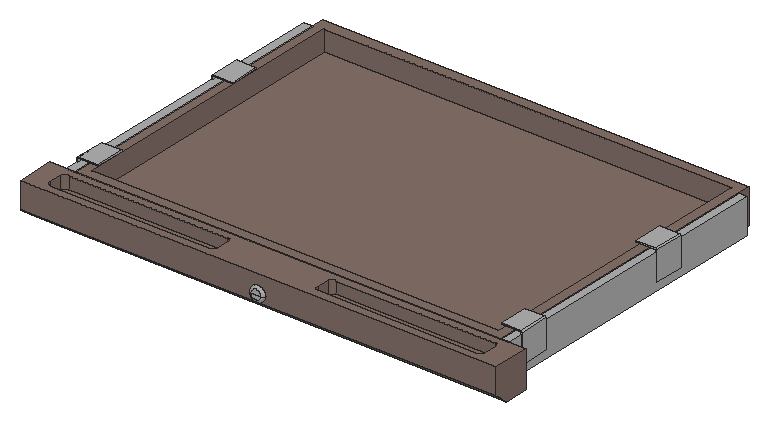
Revit family "Haworth_Masters_Accessories_CenterDrawer", category Furniture Systems, Revit 2018
Family settings
  Round Connector Dimension = Use Diameter
  Part Type = Normal
  Work Plane-Based = No
  Always vertical = Yes
  Cut with Voids When Loaded = No
  Shared = No
  Room Calculation Point = No
Parameters (values of type "UXCD-1824")
  Warranty = "http://www.haworth.com/resources/product-info/warranties"
  URL - Product = "http://www.haworth.com/products/desks/freestanding/masters-series"
  URL = "www.haworth.com"
  Trim Finish [instance] = Haworth _ Metal _ Chrome
  Sustainability Info = "https://www.haworth.com/company-info/sustainability"
  Revision Number = "1"  # constant formula
  Note = "Verify Final Dim. w/ Haworth"  # constant formula
  Model = "UXCD"  # constant formula
  Manufacturer = "Haworth"  # constant formula
  Drawer Finish [instance] = Haworth _ Wood _ Walnut
  Description = "Haworth - Masters - Accessory - Center Drawer"  # constant formula
  Author = "Haworth (Alias)"  # constant formula
  Assembly Code = "E2020200"
  Actual Width = 24"  # constant formula
  Actual Mounting Height [instance] = 25 11/16"  # constant formula
  Actual Height = 1 7/8"  # constant formula
  Actual Depth = 17 1/2"  # constant formula
Reference planes (in)
  plane 1 "Center F/B": y = -0.26213
  plane 2: z = 0
  plane 3 "Center L/R": x = 0
  plane 4 "Left": x = -12
  plane 5 "Right": x = 12
  plane 6 "Back": y = 8.48787
  plane 7 "Front": y = -9.01213
  plane 8: z = 25.6875
  plane 9: z = 27.5625
  plane 10: x = -11.1875
  plane 11: x = 11.1875
  plane 12 "Lock Middle": z = 26.65623
Forms (in)
  Extrusion 1, solid, material "Haworth _ Wood _ Walnut" <- "Drawer Finish"
    sketch origin (0, 0, 0) x (0, 1, 0) y (0, 0, 1)
      loop
        line (-8.31015, 25.6875) -> (-7.13813, 25.6875) -> (-7.13813, 27.5625) -> (-9.01213, 27.5625) -> (-9.01213, 26.2402) -> (-8.31015, 25.6875)
    from -12 to 12
  Extrusion 2, solid, material "Haworth _ Metal _ Chrome" <- "Trim Finish"
    sketch origin (0, 0, 0) x (1, 0, 0) y (0, 1, 0)
      loop
        line (-11.1875, 7.86188) -> (-11.1875, -7.13813) -> (-10.75, -7.13813) -> (-10.75, 7.86188) -> (-11.1875, 7.86188)
      loop
        line (11.1875, 7.86188) -> (10.75, 7.86188) -> (10.75, -7.13813) -> (11.1875, -7.13813) -> (11.1875, 7.86188)
    from 25.81248 to 27.5625
  Extrusion 3, solid, material "Haworth _ Wood _ Walnut" <- "Drawer Finish"
    sketch origin (0, 0, 0) x (1, 0, 0) y (0, 1, 0)
      loop
        line (-10.75, 8.48787) -> (-10.75, -7.13813) -> (10.75, -7.13813) -> (10.75, 8.48787) -> (-10.75, 8.48787)
      loop
        line (-10.2782, 8.01606) -> (-10.2782, -6.66634) -> (10.2782, -6.66634) -> (10.2782, 8.01606) -> (-10.2782, 8.01606)
    from 25.81048 to 27.56248
  Extrusion 4, solid, material "Haworth _ Wood _ Walnut" <- "Drawer Finish"
    sketch origin (0, 0, 0) x (1, 0, 0) y (0, 1, 0)
      loop
        line (-10.2782, 8.01606) -> (-10.2782, -6.66634) -> (10.2782, -6.66634) -> (10.2782, 8.01606) -> (-10.2782, 8.01606)
    from 26.14445 to 26.51979
  Extrusion 5, solid, material "Haworth _ Metal _ Chrome" <- "Trim Finish"
    sketch origin (0, -0.26213, 0) x (1, 0, 0) y (0, 0, 1)
      loop
        line (-11.1795, 27.74998) -> (-11.2425, 27.68698) -> (-11.2425, 26.24949) -> (-11.1875, 26.24949) -> (-11.1875, 27.69499) -> (-10.1875, 27.69499) -> (-10.1875, 27.74998) -> (-11.1795, 27.74998)
      loop
        line (11.1795, 27.74998) -> (10.1875, 27.74998) -> (10.1875, 27.69499) -> (11.1875, 27.69499) -> (11.1875, 26.24949) -> (11.2425, 26.24949) -> (11.2425, 27.68698) -> (11.1795, 27.74998)
    from -3.87401 to 6.12599
  Extrusion 6, void
    sketch origin (0, 0, 0) x (1, 0, 0) y (0, 1, 0)
      loop
        line (-11.2425, 2.11187) -> (-11.2425, -4.88813) -> (11.2425, -4.88813) -> (11.2425, 2.11187) -> (-11.2425, 2.11187)
    from 26.24949 to 27.74998
  Revolve 7, solid, material "Haworth _ Metal _ Chrome" <- "Trim Finish"
    sketch origin (0, 0, 26.65623) x (-1, 0, 0) y (0, -1, 0)
      loop
        line (0, 9.01213) -> (0, 9.13813) -> (-0.25, 9.13813)
        arc (-0.25, 9.13813) -> (-0.33576, 9.09812) -> (-0.37527, 9.01213) r 0.13731
        line (-0.37527, 9.01213) -> (0, 9.01213)
      axis (0, 9.01213) -> (0, 9.13813)
    angle from 0 to 360
  Extrusion 8, void
    sketch origin (0, 0, 26.65623) x (-1, 0, 0) y (0, -1, 0)
      loop
        arc (-2.75, 7.51313) -> (-2.57322, 7.58635) -> (-2.5, 7.76313) r 0.25
        line (-2.5, 7.76313) -> (-2.5, 8.38813)
        arc (-2.5, 8.38813) -> (-2.57322, 8.5649) -> (-2.75, 8.63813) r 0.25
        line (-2.75, 8.63813) -> (-10.75, 8.63813)
        arc (-10.75, 8.63813) -> (-10.92678, 8.5649) -> (-11, 8.38813) r 0.25
        line (-11, 8.38813) -> (-11, 7.76313)
        arc (-11, 7.76313) -> (-10.92678, 7.58635) -> (-10.75, 7.51313) r 0.25
        line (-10.75, 7.51313) -> (-2.75, 7.51313)
      loop
        arc (10.75, 7.51313) -> (10.92678, 7.58635) -> (11, 7.76313) r 0.25
        line (11, 7.76313) -> (11, 8.38813)
        arc (11, 8.38813) -> (10.92678, 8.5649) -> (10.75, 8.63813) r 0.25
        line (10.75, 8.63813) -> (2.75, 8.63813)
        arc (2.75, 8.63813) -> (2.57322, 8.5649) -> (2.5, 8.38813) r 0.25
        line (2.5, 8.38813) -> (2.5, 7.76313)
        arc (2.5, 7.76313) -> (2.57322, 7.58635) -> (2.75, 7.51313) r 0.25
        line (2.75, 7.51313) -> (10.75, 7.51313)
    from 0.28125 to 0.90625
Cuts and joins
  Extrusion 6 cuts Extrusion 5
  Extrusion 8 cuts Extrusion 1
Lines and regions (in)
  Masking region 1
    outline origin (0, 0, 26.65623) x (-1, 0, 0) y (0, -1, 0)
      loop
        line (11.1875, -7.86188) -> (11.1875, 7.13813) -> (12, 7.13813) -> (12, 9.01213) -> (-12, 9.01213) -> (-12, 7.13813) -> (-11.1875, 7.13813) -> (-11.1875, -7.86188) -> (-10.75, -7.86188) -> (-10.75, -8.48787) -> (10.75, -8.48787) -> (10.75, -7.86188) -> (11.1875, -7.86188)
Dimensions and locks (in)
  equal spacing: plane 4 "Left", plane 3 "Center L/R", plane 5 "Right"
  "Actual Width": plane 4 "Left" to plane 5 "Right"
  equal spacing: plane 7 "Front", plane 1 "Center F/B", plane 6 "Back"
  "Actual Depth": plane 7 "Front" to plane 6 "Back"
  "Actual Mounting Height": plane 8 to plane 2
  "Actual Height": plane 9 to plane 8
  locked: plane 4 "Left" to plane 10 at 0.8125
  locked: plane 11 to plane 5 "Right" at 0.8125
  locked: plane 12 "Lock Middle" to plane 8 at 0.96873
  locked: Revolve 7 sketch curve to plane 7 "Front" at 0.12599
  aligned and locked: Extrusion 1 to plane 5 "Right"
  aligned and locked: Extrusion 1 to plane 4 "Left"
  aligned and locked: Revolve 7 sketch curve to plane 3 "Center L/R"  (x2)
  aligned and locked: plane 7 "Front" to Revolve 7 sketch curve
Automatic sketch dimensions
  Extrusion 1 sketch curve to plane 8 = 0"
  Extrusion 1 sketch curve to plane 7 "Front" = 0.70199"
  Extrusion 1 sketch curve to Extrusion 1 sketch curve = 1.17202"
  plane 8 to Extrusion 1 sketch curve = 0.5527"
  Extrusion 1 sketch curve to plane 7 "Front" = 0"
  Extrusion 1 sketch curve to plane 9 = 0"
  Extrusion 2 sketch curve to plane 10 = 0"
  Extrusion 2 sketch curve to plane 11 = 0"
  Extrusion 2 sketch curve to Extrusion 2 sketch curve = 7/16"  (x2)
  Extrusion 2 sketch curve to plane 7 "Front" = 1.87401"  (x2)
  Extrusion 2 sketch curve to plane 6 "Back" = 0.62599"  (x2)
  Extrusion 3 sketch curve to plane 6 "Back" = 0"
  plane 10 to Extrusion 3 sketch curve = 7/16"
  Extrusion 3 sketch curve to Extrusion 3 sketch curve = 0.4718"
  plane 11 to Extrusion 3 sketch curve = 0.9093"
  plane 11 to Extrusion 3 sketch curve = 7/16"
  Extrusion 3 sketch curve to plane 6 "Back" = 0.47181"
  Extrusion 3 sketch curve to plane 7 "Front" = 2.34579"
  Extrusion 3 sketch curve to Extrusion 3 sketch curve = 0.47179"
  plane 10 to Extrusion 4 sketch curve = 0.9093"
  plane 11 to Extrusion 4 sketch curve = 0.9093"
  Extrusion 4 sketch curve to plane 7 "Front" = 2.34579"
  Extrusion 4 sketch curve to plane 6 "Back" = 0.47181"
  Extrusion 5 sketch curve to plane 10 = 0.055"
  Extrusion 5 sketch curve to plane 10 = 0"
  plane 10 to Extrusion 5 sketch curve = 0.008"
  plane 9 to Extrusion 5 sketch curve = 0.13249"
  Extrusion 5 sketch curve to Extrusion 5 sketch curve = 0.992"
  plane 9 to Extrusion 5 sketch curve = 3/16"
  plane 11 to Extrusion 5 sketch curve = 1"
  plane 11 to Extrusion 5 sketch curve = 0.008"
  Extrusion 5 sketch curve to plane 11 = 0"
  Extrusion 5 sketch curve to Extrusion 5 sketch curve = 0.055"  (x3)
  Extrusion 5 sketch curve to Extrusion 5 sketch curve = 0.063"
  Extrusion 5 sketch curve to Extrusion 5 sketch curve = 0.008"
  plane 8 to Extrusion 5 sketch curve = 0.56199"  (x2)
  Extrusion 6 sketch curve to plane 10 = 0.055"
  Extrusion 6 sketch curve to plane 11 = 0.055"
  Extrusion 6 sketch curve to plane 7 "Front" = 4.12401"
  Extrusion 6 sketch curve to plane 1 "Center F/B" = 2.37401"
  Revolve 7 sketch curve to plane 7 "Front" = 0.01082"
  plane 3 "Center L/R" to Revolve 7 sketch curve = 0.23839"
  Revolve 7 sketch curve to Revolve 7 sketch curve = 0.01161"
  Revolve 7 sketch curve to plane 7 "Front" = 0.86761"
  Revolve 7 sketch curve to Revolve 7 sketch curve = 0.64107"
  plane 11 to Extrusion 8 sketch curve = 3/16"
  Extrusion 8 sketch curve to Extrusion 8 sketch curve = 1/4"  (x5)
  Extrusion 8 sketch curve to plane 7 "Front" = 0.37401"
  plane 3 "Center L/R" to Extrusion 8 sketch curve = 2 3/4"
  Extrusion 8 sketch curve to Extrusion 8 sketch curve = 0"
  Extrusion 8 sketch curve to plane 7 "Front" = 0.62401"
  Extrusion 8 sketch curve to plane 3 "Center L/R" = 2 1/2"
  plane 10 to Extrusion 8 sketch curve = 7/16"  (x2)
  plane 10 to Extrusion 8 sketch curve = 3/16"
  Extrusion 8 sketch curve to Extrusion 8 sketch curve = 7/8"
  Extrusion 8 sketch curve to Extrusion 8 sketch curve = 5/8"
  Masking region 1 sketch curve to plane 5 "Right" = 0"
  Masking region 1 sketch curve to plane 11 = 0"
  Masking region 1 sketch curve to plane 6 "Back" = 0"
  Masking region 1 sketch curve to plane 10 = 0"
  Masking region 1 sketch curve to plane 4 "Left" = 0"
  plane 7 "Front" to Masking region 1 sketch curve = 0"
  plane 11 to Masking region 1 sketch curve = 7/16"
  plane 10 to Masking region 1 sketch curve = 7/16"
  Masking region 1 sketch curve to plane 6 "Back" = 0.62599"  (x2)
  Masking region 1 sketch curve to plane 7 "Front" = 1.87401"  (x2)
